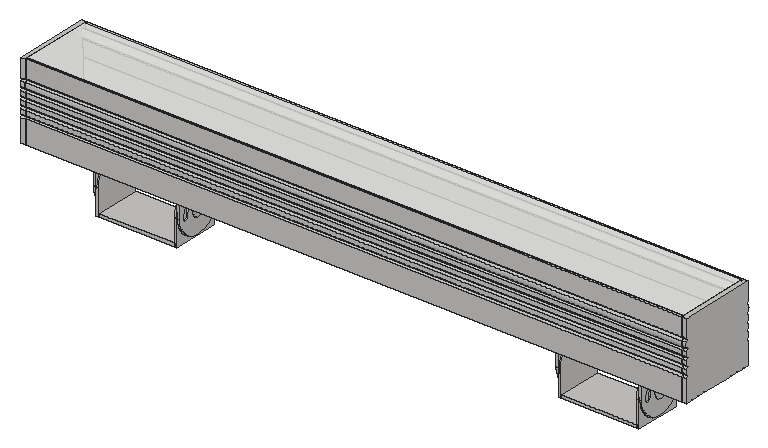
Revit family "Lighting - Luminii - Kilo - Graze Wash - Static White - Array", category Lighting Fixtures, host Face, Revit 2020
Family settings
  Host = Face
  Round Connector Dimension = Use Diameter
  Part Type = Normal
  OmniClass Number = 23.80.70.11.14.21
  OmniClass Title = Spots and Tracklight Specialties
  Cut with Voids When Loaded = No
  Light Source = No
  Shared = Yes
  Room Calculation Point = No
Parameters (values of type "Kilo Graze-Wash - High Color Quality - Tilt Base")
  Width = 1 97/256"  # constant formula
  Wattage Comments = "2.8 W/ft"
  Warranty URL = "https://www.luminii.com/terms-conditions/"
  Voltage Comments = "120VAC - 277VAC"  # constant formula
  Voltage = 120 V
  Version = "2020 - v1.0a"  # constant formula
  URL = "https://www.luminii.com/"
  Support Phone = "224-699-9545"  # constant formula
  Support Email = "mailto:support@bimsmith.com"
  Product Page URL = "https://www.luminii.com/product/kilo-graze-wash-static-white/"
  Product Name = "Kilo Graze-Wash - Static White"  # constant formula
  Product Documentation Link = "https://www.luminii.com/wp-content/uploads/z_special_catalog_products/products/kilo-graze-wash-static-white/specsheets/Kilo-Graze-Wash-Static-White-Spec.pdf"
  Power Source Type = "Driver"  # constant formula
  Power Factor = 1
  Phase = 1
  Output Option [instance] = if(High Color Quality, "72SO | 72HO | 72VHO", "HE48LO | HE48SO | HE48MO | HE48HO | HE64VHO")  # "72SO | 72HO | 72VHO"
  Output [instance] = if(High Color Quality, "High Color Quality", "High Efficacy")  # "High Color Quality"
  Operating Temperature = "Consult Manufacturer Website for more Information"  # constant formula
  Number of Poles = if(and(or(Voltage = 120 V, Voltage = 277 V), Phase = 1), 1, if(and(or(Voltage = 208 V, Voltage = 240 V), Phase = 1), 2, if(and(or(Voltage = 208 V, Voltage = 240 V), Phase = 3), 3, if(and(Voltage > 300 V, Phase = 1), 2, if(and(Voltage > 400 V, Phase = 3), 3, 1)))))  # 1
  Mounting Method = "Surface Mount"  # constant formula
  Model = "KGW"
  Manufacturer Phone Number = "224-333-6033"  # constant formula
  Manufacturer Email = "mailto:info@luminii.com"
  Manufacturer Address = "7777 N Merrimac Ave, Niles, IL 60714"  # constant formula
  Manufacturer = "Luminii"  # constant formula
  Lumen Output = "166 lm/ft"
  Load Classification = Lighting
  Lens Material = Plastic - Luminii - Frosted Lens
  Length Comments [instance] = "Perfomance based on 1\" Photometric Web File, consult Manufacturer for custom sizes"  # constant formula
  Length [instance] = if(Desired Length < 12", 12", if(Desired Length > 116", 116", (round(Desired Length / 1")) * 1"))  # 12"
  Lamp Life = 1
  Lamp = "LED"  # constant formula
  Keynote = "26 50 00"
  Instruction Sheet Link = "https://www.luminii.com/wp-content/uploads/z_special_catalog_products/products/kilo-graze-wash-static-white/install-guides/KILO_GW_instructions.pdf"
  Initial Color Comments = "Perfomance based on 3000K Photometric Web File"  # constant formula
  Housing Protection Rating = "IP20 Dry/IP66 Wet Series"  # constant formula
  High Efficacy = not(High Color Quality)  # no
  High Color Quality = yes
  Has Dimming = 1 = 1  # yes
  Has Battery Backup = 0 = 1  # no
  Frequency Comments = ""  # constant formula
  Frequency = 60 Hz
  Finish = Metal - Luminii - Silver Anodized Aluminum
  Environment = "Indoor"  # constant formula
  Desired Tilt [instance] = 0.00°
  Desired Length [instance] = 12"
  Description = "Linear Valance Illumination System"  # constant formula
  Depth = if(Tilt Base Option, 119/128" + 1 97/256", 1 97/256" + 23/256")  # 2 79/256"
  Default Elevation = 0"  # constant formula
  Current Amps = 50 A
  Copyright = "©2023 Luminii"  # constant formula
  built-in parameter 1114216 [instance] = 0  # (empty or 0)
  built-in parameter 1140040 [instance] = 1 = 1  # 1
  CCT = "3000K"
  Tilt Base Option = yes
  C Tilt Angle Safe [instance] = if(Fixed Clip Option, 0.00°, if(Desired Tilt < -65.00°, 25.00°, if(Desired Tilt > 65.00°, 65.00° + 90.00°, 90.00° + Desired Tilt)))  # 90.00°
  C Sin [instance] = 1 27/32" - 1 27/32" * sin(90.00° + Actual Tilt)  # 0"
  C Tilt Base Offset = 1 1/16"  # constant formula
  Fixed Clip Option = not(Tilt Base Option)  # no
  C LED Number [instance] = Length / 1"  # 12
  C Cos [instance] = 1 27/32" - 1 27/32" * cos(90.00° + Actual Tilt)  # 1 27/32"
  C Base Offset [instance] = if(Tilt Base Option, 2 119/256", 2" + 23/256" - 119/256")  # 2 119/256"
  C Angle [instance] = if(1 = 1, 90.00° + Actual Tilt, 180.00° - Actual Tilt)  # 90.00°
  Assembly Code = "D5020230"
  Apparent Load = 2.7 VA
  Actual Tilt [instance] = if(Fixed Clip Option, 0.00°, if(Desired Tilt < -65.00°, -65.00°, if(Desired Tilt > 65.00°, 65.00°, Desired Tilt)))  # 0.00°
Types (4): name | Wattage Comments | Output Option | Output | Lumen Output | High Efficacy | High Color Quality | Depth | Tilt Base Option | C Tilt Angle Safe | Fixed Clip Option | C Base Offset | Apparent Load
  Kilo Graze-Wash - High Color Quality - Tilt Base | "2.8 W/ft" | "72SO | 72HO | 72VHO" | "High Color Quality" | "166 lm/ft" | no | yes | 2 79/256" | yes | 90.00° | no | 2 119/256" | 2.7 VA
  Kilo Graze-Wash - High Color Quality - Fixed Clip | "2.8 W/ft" | "72SO | 72HO | 72VHO" | "High Color Quality" | "166 lm/ft" | no | yes | 1 15/32" | no | 0.00° | yes | 1 5/8" | 2.7 VA
  Kilo Graze-Wash - High Efficacy - Tilt Base | "1.9 W/ft" | "HE48LO | HE48SO | HE48MO | HE48HO | HE64VHO" | "High Efficacy" | "162 lm/ft" | yes | no | 2 79/256" | yes | 90.00° | no | 2 119/256" | 1.7 VA
  Kilo Graze-Wash - High Efficacy - Fixed Clip | "1.9 W/ft" | "HE48LO | HE48SO | HE48MO | HE48HO | HE64VHO" | "High Efficacy" | "162 lm/ft" | yes | no | 1 15/32" | no | 0.00° | yes | 1 5/8" | 1.7 VA
Reference planes (in)
  plane 1 "Center (Front/Back)": y = 0
  plane 2: z = 0
  plane 3 "Center (Left/Right)": x = 0
  plane 4: x = -6
  plane 5: x = 6
  plane 6: y = 0.36523
  plane 7: y = -0.36523
  plane 8: z = 2.30774
  plane 9: z = 2.30774
  plane 10: z = 0.46484
  plane 11: z = -2
  plane 12: y = 1.8429
  plane 13: y = -1.8429
  plane 14: y = 0.00085
  plane 15: x = -4.74219
  plane 16: x = -6.4
  plane 17: x = 6.4
  plane 18: x = 4.74219
Forms (in)
  Extrusion 1, solid, material "Metal - Luminii - Silver Anodized Aluminum", not visible
    sketch origin (0, 0, 0) x (1, 0, 0) y (0, 1, 0)
      loop
        circle (0, 0) r 0.5
    from 0 to -0.17225
  Sweep 2, solid, material "Metal - Luminii - Silver Anodized Aluminum" <- "Finish", visible <- "Fixed Clip Option"
    path origin (0, 0, 0) x (1, 0, 0) y (0, 1, 0)
      loop
        line (-4.74219, 0) -> (-6.4, 0)
    profile origin (-5.57109, 0, 0) x (0, -1, 0) y (0, 0, 1)
      loop
        line (-0.25, 0) -> (-0.25, 0.09) -> (-0.60413, 0.09) -> (-0.60413, 0) -> (-0.25, 0)
      loop
        line (0.25, 0) -> (0.60413, 0) -> (0.60413, 0.09) -> (0.25, 0.09) -> (0.25, 0)
  Sweep 3, solid, material "Metal - Luminii - Silver Anodized Aluminum" <- "Finish", visible <- "Fixed Clip Option"
    path origin (0, 0, 0) x (-1, 0, 0) y (0, 1, 0)
      loop
        line (-4.74219, 0) -> (-6.4, 0)
    profile origin (5.57109, 0, 0) x (0, 1, 0) y (0, 0, 1)
      loop
        line (0.25, 0) -> (0.60413, 0) -> (0.60413, 0.09) -> (0.25, 0.09) -> (0.25, 0)
      loop
        line (-0.25, 0) -> (-0.25, 0.09) -> (-0.60413, 0.09) -> (-0.60413, 0) -> (-0.25, 0)
Lines and regions (in)
  reference lines
    curve 1: line (-0.37509, -0.2361, 2.37432) -> (-0.37509, 0, 2.37432)
    curve 2: line (-0.37509, 0.71168, 0.09) -> (-0.37509, -0.16225, 0.09)
    curve 3: line (-0.37509, 0.00085, 2.30774) -> (-0.37509, 2.43997, 2.30774)
    curve 4: line (-0.37509, 0.00085, 2.30774) -> (-0.37509, 0.00085, 3.16598)
Dimensions and locks (in)
  equal spacing: plane 4, plane 3 "Center (Left/Right)", plane 5
  equal spacing: plane 6, plane 1 "Center (Front/Back)", plane 7
  plane 6 to plane 7 = 187/256"
  "C Sin": plane 8 to plane 9
  locked: host face to plane 11 at 2
  "C Base Offset": plane 10 to plane 11
  "C Tilt Base Offset": plane 4 to nested 1
  "C Tilt Base Offset": nested 2 to plane 5
  locked: plane 1 "Center (Front/Back)" to plane 12 at 1.8429
  locked: plane 13 to plane 1 "Center (Front/Back)" at 1.8429
  "C Cos": plane 14 to plane 13
  locked: curve 2 to host face at 0.09
  locked: plane 4 to plane 15 at 1.25781
  locked: plane 16 to plane 4 at 0.4
  locked: plane 18 to plane 5 at 1.25781
  locked: plane 5 to plane 17 at 0.4
  locked: plane 8 to plane 10 at 1.8429
  "Length": plane 4 to plane 5
  equal spacing: group 1, group 3, group 4, group 5, group 6, group 7, group 8, group 9, group 10, group 11, group 12, group 2  (x3)
  "C Tilt Angle Safe": angle curve 1 to plane 1 "Center (Front/Back)"
  locked: curve 4 to curve 3 (angle 90.00°)
  "C Angle": angle plane 14 to curve 3
  aligned and locked: plane 2 to host face
  aligned and locked: plane 3 "Center (Left/Right)" to Extrusion 1 sketch curve
  aligned and locked: plane 1 "Center (Front/Back)" to Extrusion 1 sketch curve
  aligned and locked: plane 1 "Center (Front/Back)" to nested 2
  aligned and locked: nested 1 to plane 1 "Center (Front/Back)"
  aligned and locked: plane 5 to nested 3
  aligned and locked: Sweep 2 sketch curve to plane 1 "Center (Front/Back)"
  aligned and locked: plane 16 to Sweep 2 sketch curve
  aligned and locked: plane 15 to Sweep 2 sketch curve
  aligned and locked: host face to Sweep 2 sketch curve
  aligned and locked: plane 1 "Center (Front/Back)" to Sweep 3 sketch curve
  aligned and locked: plane 18 to Sweep 3 sketch curve
  aligned and locked: plane 17 to Sweep 3 sketch curve
  aligned and locked: Sweep 3 sketch curve to plane 2
  aligned and locked: plane 14 to curve 3
  aligned and locked: plane 9 to curve 3
  aligned and locked: plane 4 to nested 4
  aligned and locked: plane 5 to nested 5
  aligned and locked: level to Sweep 2 sketch curve  (x2)
  aligned and locked: Sweep 3 sketch curve to level  (x2)
  aligned and locked: Sweep 2 sketch curve to level
  aligned and locked: level to Sweep 3 sketch curve
Automatic sketch dimensions
  host sketch curve to host sketch curve = 96"  (x2)
  profile plane to Sweep 2 sketch curve = 0.60413"
  level to Sweep 2 sketch curve = 0.09"
  profile plane to Sweep 2 sketch curve = 1/4"
  Sweep 2 sketch curve to profile plane = 1/4"
  Sweep 2 sketch curve to Sweep 2 sketch curve = 0.35413"
  Sweep 2 sketch curve to Sweep 2 sketch curve = 0.09"
  profile plane to Sweep 3 sketch curve = 0.60413"
  level to Sweep 3 sketch curve = 0.09"  (x2)
  profile plane to Sweep 3 sketch curve = 1/4"
  Sweep 3 sketch curve to profile plane = 1/4"
  Sweep 3 sketch curve to Sweep 3 sketch curve = 0.35413"
  curve 1 to plane 1 "Center (Front/Back)" = 0"
  plane 14 to curve 2 = 0.1631"
  plane 6 to curve 2 = 0.34645"
  plane 8 to curve 1 = 0.06658"
  radius of Extrusion 1 sketch curve = 1/2"
Nested families (in)
  nested 1: "Nested - Tilting base" at (-4.1664, 0, 0.46484) x (0, 1, 0) z (0, 0, -1), visible <- "Tilt Base Option", type "Default"
  nested 2: "Nested - Tilting base" at (4.1664, 0, 0.46484) x (0, 1, 0) z (0, 0, -1), visible <- "Tilt Base Option", type "Default"
  nested 3: "Nested - Lamp" at (0, -0.03472, 0.92984) x (0, 1, 0) z (0, 0, 1), type "Default"
    with Length 12"
  nested 4: "Lighting - Luminii - Kilo - Graze Wash - Static White - Nested Light Source" at (-5.5, 0.4555, 2.30774), type "Kilo Graze-Wash - High Color Quality - Tilt Base"
    with Output Option "72SO | 72HO | 72VHO", Output "High Color Quality", Length Comments "Perfomance based on 1\" Photometric Web File", Length 1", Desired Length 1", built-in parameter 1114216 (empty or 0), built-in parameter 1140040 1, C Tilt Angle Safe 90.00°, C Sin 0", C Cos 1 27/32", C Base Offset 2 119/256"
  nested 5: "Lighting - Luminii - Kilo - Graze Wash - Static White - Nested Light Source" at (5.5, 0.4555, 2.30774), type "Kilo Graze-Wash - High Color Quality - Tilt Base"
    with Output Option "72SO | 72HO | 72VHO", Output "High Color Quality", Length Comments "Perfomance based on 1\" Photometric Web File", Length 1", Desired Length 1", built-in parameter 1114216 (empty or 0), built-in parameter 1140040 1, C Tilt Angle Safe 90.00°, C Sin 0", C Cos 1 27/32", C Base Offset 2 119/256"
  nested 6: "Lighting - Luminii - Kilo - Graze Wash - Static White - Nested Light Source" at (-4.5, 0.4555, 2.30774), type "Kilo Graze-Wash - High Color Quality - Tilt Base"
    with Output Option "72SO | 72HO | 72VHO", Output "High Color Quality", Length Comments "Perfomance based on 1\" Photometric Web File", Length 1", Desired Length 1", built-in parameter 1114216 (empty or 0), built-in parameter 1140040 1, C Tilt Angle Safe 90.00°, C Sin 0", C Cos 1 27/32", C Base Offset 2 119/256"
  nested 7: "Lighting - Luminii - Kilo - Graze Wash - Static White - Nested Light Source" at (-3.5, 0.4555, 2.30774), type "Kilo Graze-Wash - High Color Quality - Tilt Base"
    with Output Option "72SO | 72HO | 72VHO", Output "High Color Quality", Length Comments "Perfomance based on 1\" Photometric Web File", Length 1", Desired Length 1", built-in parameter 1114216 (empty or 0), built-in parameter 1140040 1, C Tilt Angle Safe 90.00°, C Sin 0", C Cos 1 27/32", C Base Offset 2 119/256"
  nested 8: "Lighting - Luminii - Kilo - Graze Wash - Static White - Nested Light Source" at (-2.5, 0.4555, 2.30774), type "Kilo Graze-Wash - High Color Quality - Tilt Base"
    with Output Option "72SO | 72HO | 72VHO", Output "High Color Quality", Length Comments "Perfomance based on 1\" Photometric Web File", Length 1", Desired Length 1", built-in parameter 1114216 (empty or 0), built-in parameter 1140040 1, C Tilt Angle Safe 90.00°, C Sin 0", C Cos 1 27/32", C Base Offset 2 119/256"
  nested 9: "Lighting - Luminii - Kilo - Graze Wash - Static White - Nested Light Source" at (-1.5, 0.4555, 2.30774), type "Kilo Graze-Wash - High Color Quality - Tilt Base"
    with Output Option "72SO | 72HO | 72VHO", Output "High Color Quality", Length Comments "Perfomance based on 1\" Photometric Web File", Length 1", Desired Length 1", built-in parameter 1114216 (empty or 0), built-in parameter 1140040 1, C Tilt Angle Safe 90.00°, C Sin 0", C Cos 1 27/32", C Base Offset 2 119/256"
  nested 10: "Lighting - Luminii - Kilo - Graze Wash - Static White - Nested Light Source" at (-0.5, 0.4555, 2.30774), type "Kilo Graze-Wash - High Color Quality - Tilt Base"
    with Output Option "72SO | 72HO | 72VHO", Output "High Color Quality", Length Comments "Perfomance based on 1\" Photometric Web File", Length 1", Desired Length 1", built-in parameter 1114216 (empty or 0), built-in parameter 1140040 1, C Tilt Angle Safe 90.00°, C Sin 0", C Cos 1 27/32", C Base Offset 2 119/256"
  nested 11: "Lighting - Luminii - Kilo - Graze Wash - Static White - Nested Light Source" at (0.5, 0.4555, 2.30774), type "Kilo Graze-Wash - High Color Quality - Tilt Base"
    with Output Option "72SO | 72HO | 72VHO", Output "High Color Quality", Length Comments "Perfomance based on 1\" Photometric Web File", Length 1", Desired Length 1", built-in parameter 1114216 (empty or 0), built-in parameter 1140040 1, C Tilt Angle Safe 90.00°, C Sin 0", C Cos 1 27/32", C Base Offset 2 119/256"
  nested 12: "Lighting - Luminii - Kilo - Graze Wash - Static White - Nested Light Source" at (1.5, 0.4555, 2.30774), type "Kilo Graze-Wash - High Color Quality - Tilt Base"
    with Output Option "72SO | 72HO | 72VHO", Output "High Color Quality", Length Comments "Perfomance based on 1\" Photometric Web File", Length 1", Desired Length 1", built-in parameter 1114216 (empty or 0), built-in parameter 1140040 1, C Tilt Angle Safe 90.00°, C Sin 0", C Cos 1 27/32", C Base Offset 2 119/256"
  nested 13: "Lighting - Luminii - Kilo - Graze Wash - Static White - Nested Light Source" at (2.5, 0.4555, 2.30774), type "Kilo Graze-Wash - High Color Quality - Tilt Base"
    with Output Option "72SO | 72HO | 72VHO", Output "High Color Quality", Length Comments "Perfomance based on 1\" Photometric Web File", Length 1", Desired Length 1", built-in parameter 1114216 (empty or 0), built-in parameter 1140040 1, C Tilt Angle Safe 90.00°, C Sin 0", C Cos 1 27/32", C Base Offset 2 119/256"
  nested 14: "Lighting - Luminii - Kilo - Graze Wash - Static White - Nested Light Source" at (3.5, 0.4555, 2.30774), type "Kilo Graze-Wash - High Color Quality - Tilt Base"
    with Output Option "72SO | 72HO | 72VHO", Output "High Color Quality", Length Comments "Perfomance based on 1\" Photometric Web File", Length 1", Desired Length 1", built-in parameter 1114216 (empty or 0), built-in parameter 1140040 1, C Tilt Angle Safe 90.00°, C Sin 0", C Cos 1 27/32", C Base Offset 2 119/256"
  nested 15: "Lighting - Luminii - Kilo - Graze Wash - Static White - Nested Light Source" at (4.5, 0.4555, 2.30774), type "Kilo Graze-Wash - High Color Quality - Tilt Base"
    with Output Option "72SO | 72HO | 72VHO", Output "High Color Quality", Length Comments "Perfomance based on 1\" Photometric Web File", Length 1", Desired Length 1", built-in parameter 1114216 (empty or 0), built-in parameter 1140040 1, C Tilt Angle Safe 90.00°, C Sin 0", C Cos 1 27/32", C Base Offset 2 119/256"
Connectors (in)
  electrical at (0, 0, 0), driven by "Number of Poles", driven by "Load Classification", driven by "Voltage", driven by "Apparent Load", driven by "Power Factor"
    settings: on Extrusion 1, index 1, voltage 120 V, apparent load 2.7 VA, apparent load phase1 0 VA, apparent load phase2 0 VA, apparent load phase3 0 VA, power factor 1, load classification "Lighting", number of poles 1, system type 30, power factor state 1, is connector primary yes, connector utility no, sub classification motor no, connector description "Power Connection"
Definition of nested family "Nested - Tilting base"
  Parameters (values of type "Default")
    Finish = none
    Desired Angle = 0.00°
    Default Elevation = 48"
    Angle = if(1 = 1, Desired Angle + 90.00°, Desired Angle + 90.00°)  # 90.00°
  Reference planes (in)
    plane 1 "Center (Front/Back)": y = 0
    plane 2: z = 0
    plane 3 "Center (Left/Right)": x = 0
    plane 4: z = 0.465
  Forms (in)
    Extrusion 1, solid
      sketch origin (0, 0, 0) x (1, 0, 0) y (0, 1, 0)
        loop
          line (-48, 48) -> (-48, -48) -> (48, -48) -> (48, 48) -> (-48, 48)
      from 0 to -12
    Extrusion 2, solid, material <- "Finish"
      sketch origin (0, 0, 0) x (1, 0, 0) y (0, 0, 1)
        loop
          arc (-0.41, 0) -> (0, -0.41) -> (0.41, 0) r 0.41
          line (0.41, 0) -> (0.41, 0.465) -> (-0.41, 0.465) -> (-0.41, 0)
      from 0.72842 to 0.68574
    Extrusion 3, solid, material <- "Finish", detail levels medium+fine
      sketch origin (0, -0.72842, 0) x (1, 0, 0) y (0, 0, 1)
        loop
          circle (0, 0) r 0.1238
        loop
          circle (0, -0.27007) r 0.05983
      from 0 to 0.06113
    Extrusion 4, solid, material <- "Finish", detail levels medium+fine
      sketch origin (0, 0.72842, 0) x (1, 0, 0) y (0, 0, -1)
        loop
          circle (0, 0) r 0.1238
        loop
          circle (0, 0.27007) r 0.05983
      from 0 to 0.06113
    Extrusion 5, solid, material <- "Finish"
      sketch origin (0, 0, 0) x (1, 0, 0) y (0, 0, -1)
        loop
          line (-0.41, 0) -> (-0.41, -0.465) -> (0.41, -0.465) -> (0.41, 0)
          arc (0.41, 0) -> (0, 0.41) -> (-0.41, 0) r 0.41
      from 0.72842 to 0.68574
    Extrusion 6, solid, material <- "Finish"
      sketch origin (0, 0, 0.87698) x (1, 0, 0) y (0, 0, 1)
        loop
          line (-0.41, -0.465) -> (0.40999, -0.465) -> (0.40999, -0.41198) -> (-0.41, -0.41198) -> (-0.41, -0.465)
      from -0.68574 to 0.68574
  Lines and regions (in)
    reference lines
      curve 1: line (0, 0, 0) -> (-1.31977, 0, 0)
  Dimensions and locks (in)
    locked: plane 4 to level at 0.465
    "Angle": angle plane 3 "Center (Left/Right)" to curve 1
    aligned and locked: plane 2 to Extrusion 1
    aligned and locked: level to Extrusion 1
    aligned and locked: plane 3 "Center (Left/Right)" to curve 1
    aligned and locked: plane 2 to curve 1
  Automatic sketch dimensions
    Extrusion 1 sketch curve to Extrusion 1 sketch curve = 96"  (x2)
    Extrusion 2 sketch curve to level = 0"
    Extrusion 2 sketch curve to plane 4 = 0"
    Extrusion 2 sketch curve to plane 3 "Center (Left/Right)" = 0"
    Extrusion 2 sketch curve to plane 3 "Center (Left/Right)" = 0.41"
    Extrusion 3 sketch curve to Extrusion 3 sketch curve = 0"
    Extrusion 3 sketch curve to Extrusion 3 sketch curve = 0.27007"
    Extrusion 4 sketch curve to plane 3 "Center (Left/Right)" = 0"  (x2)
    Extrusion 4 sketch curve to level = 0"
    Extrusion 4 sketch curve to level = 0.27007"
    Extrusion 5 sketch curve to level = 0"
    Extrusion 5 sketch curve to plane 4 = 0"
    Extrusion 5 sketch curve to plane 3 "Center (Left/Right)" = 0"
    Extrusion 5 sketch curve to plane 3 "Center (Left/Right)" = 0.41"
    Extrusion 6 sketch curve to plane 4 = 0"
    Extrusion 6 sketch curve to plane 3 "Center (Left/Right)" = 0.41"
    plane 3 "Center (Left/Right)" to Extrusion 6 sketch curve = 0.40999"
    Extrusion 6 sketch curve to plane 4 = 0.05302"
    radius of Extrusion 3 sketch curve to Extrusion 2 = 0.2862"
    radius of Extrusion 3 sketch curve = 0.05983"
    radius of Extrusion 4 sketch curve = 0.1238"
    radius of Extrusion 4 sketch curve = 0.05983"
  Nested families (in)
    nested 1: "Nested - base" at (0, 0, 0) x (-1, 0, 0) z (0, 0, 1), type "Nested - base"
  Definition of nested family "Nested - base"
    Parameters (values of type "Nested - base")
      Length = 11 223/256"
      Finish = none
      Default Elevation = 48"
    Reference planes (in)
      plane 1 "Center (Front/Back)": y = 0
      plane 2: z = 0
      plane 3 "Center (Left/Right)": x = 0
    Forms (in)
      Extrusion 1, solid
        sketch origin (0, 0, 0) x (1, 0, 0) y (0, 1, 0)
          loop
            line (-48, 48) -> (-48, -48) -> (48, -48) -> (48, 48) -> (-48, 48)
        from 0 to -12
      Extrusion 2, solid, material <- "Finish", detail levels coarse
        sketch origin (0, 0, 0) x (1, 0, 0) y (0, 0, 1)
          loop
            line (-0.41, 0) -> (-0.41, -0.465) -> (0.41, -0.465) -> (0.41, 0)
            arc (0.41, 0) -> (0, 0.41) -> (-0.41, 0) r 0.41
        from 0.72842 to 0.7711
      Extrusion 3, solid, material <- "Finish", detail levels coarse
        sketch origin (0, 0, 0) x (1, 0, 0) y (0, 0, -1)
          loop
            arc (-0.41, 0) -> (0, -0.41) -> (0.41, 0) r 0.41
            line (0.41, 0) -> (0.41, 0.465) -> (-0.41, 0.465) -> (-0.41, 0)
        from 0.72842 to 0.7711
      Extrusion 4, solid, material <- "Finish"
        sketch origin (0, 0, 0) x (1, 0, 0) y (0, 0, 1)
          loop
            line (-0.41, -0.465) -> (0.40999, -0.465) -> (0.40999, -0.41198) -> (-0.41, -0.41198) -> (-0.41, -0.465)
        from -0.72842 to 0.72842
      Extrusion 5, solid, material <- "Finish", detail levels medium+fine
        sketch origin (0, 0, 0) x (1, 0, 0) y (0, 0, 1)
          loop
            circle (0, 0) r 0.1238
          loop
            arc (-0.208, 0.03055) -> (-0.26143, 0.09041) -> (-0.32694, 0.0441) r 0.06024
            arc (-0.32694, 0.0441) -> (0, -0.3299) -> (0.32694, 0.0441) r 0.3299
            arc (0.32694, 0.0441) -> (0.26143, 0.09041) -> (0.208, 0.03055) r 0.06024
            arc (0.208, 0.03055) -> (0, -0.21023) -> (-0.208, 0.03055) r 0.21023
          loop
            line (-0.41, 0) -> (-0.41, -0.465) -> (0.41, -0.465) -> (0.41, 0)
            arc (0.41, 0) -> (0, 0.41) -> (-0.41, 0) r 0.41
        from 0.72842 to 0.7711
      Extrusion 6, solid, material <- "Finish", detail levels medium+fine
        sketch origin (0, 0, 0) x (1, 0, 0) y (0, 0, -1)
          loop
            circle (0, 0) r 0.1238
          loop
            arc (-0.208, -0.03055) -> (0, 0.21023) -> (0.208, -0.03055) r 0.21023
            arc (0.208, -0.03055) -> (0.26143, -0.09041) -> (0.32694, -0.0441) r 0.06024
            arc (0.32694, -0.0441) -> (0, 0.3299) -> (-0.32694, -0.0441) r 0.3299
            arc (-0.32694, -0.0441) -> (-0.26143, -0.09041) -> (-0.208, -0.03055) r 0.06024
          loop
            arc (-0.41, 0) -> (0, -0.41) -> (0.41, 0) r 0.41
            line (0.41, 0) -> (0.41, 0.465) -> (-0.41, 0.465) -> (-0.41, 0)
        from 0.72842 to 0.7711
    Dimensions and locks (in)
      aligned and locked: plane 2 to Extrusion 1
      aligned and locked: level to Extrusion 1
Definition of nested family "Nested - Lamp"
  Parameters (values of type "Family1")
    Lens = none
    Length = 36"
    Finish = none
    Default Elevation = 48"
  Reference planes (in)
    plane 1 "Center (Front/Back)": y = 0
    plane 2: z = 0
    plane 3 "Center (Left/Right)": x = 0
    plane 4: y = 18
    plane 5: y = 17.92
    plane 6: y = -18
    plane 7: y = -17.92
  Forms (in)
    Extrusion 1, solid
      sketch origin (0, 0, 0) x (1, 0, 0) y (0, 1, 0)
        loop
          line (-48, 48) -> (-48, -48) -> (48, -48) -> (48, 48) -> (-48, 48)
      from 0 to -12
    Extrusion 2, solid, material <- "Finish", detail levels medium+fine
      sketch origin (0, 0, 0) x (1, 0, 0) y (0, 0, 1)
        loop
          line (-0.6885, 1.3779) -> (-0.6885, 1.05425) -> (-0.6575, 1.02325) -> (-0.6885, 0.99225)
          arc (-0.6885, 0.99225) -> (-0.70236, 0.944) -> (-0.6885, 0.89575) r 0.09095
          line (-0.6885, 0.89575) -> (-0.6575, 0.86475) -> (-0.6885, 0.83375) -> (-0.6885, 0.75375) -> (-0.6575, 0.72275) -> (-0.6885, 0.69175) -> (-0.6885, 0.61175) -> (-0.6575, 0.58075) -> (-0.6885, 0.54975) -> (-0.6885, 0.46975) -> (-0.6575, 0.43875) -> (-0.6885, 0.40775) -> (-0.6885, 0) -> (-0.616, 0) -> (-0.582, 0.034) -> (-0.548, 0) -> (-0.4755, 0) -> (-0.4415, 0.034) -> (-0.4075, 0) -> (-0.335, 0) -> (-0.301, 0.034) -> (-0.267, 0) -> (0, 0) -> (0.267, 0) -> (0.301, 0.034) -> (0.335, 0) -> (0.4075, 0) -> (0.4415, 0.034) -> (0.4755, 0) -> (0.548, 0) -> (0.582, 0.034) -> (0.616, 0) -> (0.6885, 0) -> (0.6885, 0.40775) -> (0.6575, 0.43875) -> (0.6885, 0.46975) -> (0.6885, 0.54975) -> (0.6575, 0.58075) -> (0.6885, 0.61175) -> (0.6885, 0.69175) -> (0.6575, 0.72275) -> (0.6885, 0.75375) -> (0.6885, 0.83375) -> (0.6575, 0.86475) -> (0.6885, 0.89575)
          arc (0.6885, 0.89575) -> (0.70236, 0.944) -> (0.6885, 0.99225) r 0.09095
          line (0.6885, 0.99225) -> (0.6575, 1.02325) -> (0.6885, 1.05425) -> (0.6885, 1.3779) -> (-0.6885, 1.3779)
        loop
          line (-0.6102, 0.116) -> (-0.131, 0.116) -> (-0.07231, 0.048) -> (0.07231, 0.048) -> (0.131, 0.116) -> (0.6102, 0.116) -> (0.6102, 0.85105) -> (0.58133, 1.15206) -> (0.58133, 1.33146) -> (-0.58133, 1.33146) -> (-0.58133, 1.15206) -> (-0.6102, 0.85005) -> (-0.6102, 0.116)
      from -17.92 to 17.92
    Extrusion 3, solid, material <- "Finish", detail levels medium+fine
      sketch origin (0, 48, 0) x (1, 0, 0) y (0, 0, -1)
        loop
          line (-0.6885, -1.3779) -> (0.6885, -1.3779) -> (0.6885, -1.05425) -> (0.6575, -1.02325) -> (0.6885, -0.99225)
          arc (0.6885, -0.99225) -> (0.70236, -0.944) -> (0.6885, -0.89575) r 0.09095
          line (0.6885, -0.89575) -> (0.6575, -0.86475) -> (0.6885, -0.83375) -> (0.6885, -0.75375) -> (0.6575, -0.72275) -> (0.6885, -0.69175) -> (0.6885, -0.61175) -> (0.6575, -0.58075) -> (0.6885, -0.54975) -> (0.6885, -0.46975) -> (0.6575, -0.43875) -> (0.6885, -0.40775) -> (0.6885, 0) -> (0.616, 0) -> (0.582, -0.034) -> (0.548, 0) -> (0.4755, 0) -> (0.4415, -0.034) -> (0.4075, 0) -> (0.335, 0) -> (0.301, -0.034) -> (0.267, 0) -> (0, 0) -> (-0.267, 0) -> (-0.301, -0.034) -> (-0.335, 0) -> (-0.4075, 0) -> (-0.4415, -0.034) -> (-0.4755, 0) -> (-0.548, 0) -> (-0.582, -0.034) -> (-0.616, 0) -> (-0.6885, 0) -> (-0.6885, -0.40775) -> (-0.6575, -0.43875) -> (-0.6885, -0.46975) -> (-0.6885, -0.54975) -> (-0.6575, -0.58075) -> (-0.6885, -0.61175) -> (-0.6885, -0.69175) -> (-0.6575, -0.72275) -> (-0.6885, -0.75375) -> (-0.6885, -0.83375) -> (-0.6575, -0.86475) -> (-0.6885, -0.89575)
          arc (-0.6885, -0.89575) -> (-0.70236, -0.944) -> (-0.6885, -0.99225) r 0.09095
          line (-0.6885, -0.99225) -> (-0.6575, -1.02325) -> (-0.6885, -1.05425) -> (-0.6885, -1.3779)
      from -30.08 to -30
    Extrusion 4, solid, material <- "Finish", detail levels medium+fine
      sketch origin (0, -48, 0) x (1, 0, 0) y (0, 0, 1)
        loop
          line (-0.6885, 1.3779) -> (-0.6885, 1.05425) -> (-0.6575, 1.02325) -> (-0.6885, 0.99225)
          arc (-0.6885, 0.99225) -> (-0.70236, 0.944) -> (-0.6885, 0.89575) r 0.09095
          line (-0.6885, 0.89575) -> (-0.6575, 0.86475) -> (-0.6885, 0.83375) -> (-0.6885, 0.75375) -> (-0.6575, 0.72275) -> (-0.6885, 0.69175) -> (-0.6885, 0.61175) -> (-0.6575, 0.58075) -> (-0.6885, 0.54975) -> (-0.6885, 0.46975) -> (-0.6575, 0.43875) -> (-0.6885, 0.40775) -> (-0.6885, 0) -> (-0.616, 0) -> (-0.582, 0.034) -> (-0.548, 0) -> (-0.4755, 0) -> (-0.4415, 0.034) -> (-0.4075, 0) -> (-0.335, 0) -> (-0.301, 0.034) -> (-0.267, 0) -> (0, 0) -> (0.267, 0) -> (0.301, 0.034) -> (0.335, 0) -> (0.4075, 0) -> (0.4415, 0.034) -> (0.4755, 0) -> (0.548, 0) -> (0.582, 0.034) -> (0.616, 0) -> (0.6885, 0) -> (0.6885, 0.40775) -> (0.6575, 0.43875) -> (0.6885, 0.46975) -> (0.6885, 0.54975) -> (0.6575, 0.58075) -> (0.6885, 0.61175) -> (0.6885, 0.69175) -> (0.6575, 0.72275) -> (0.6885, 0.75375) -> (0.6885, 0.83375) -> (0.6575, 0.86475) -> (0.6885, 0.89575)
          arc (0.6885, 0.89575) -> (0.70236, 0.944) -> (0.6885, 0.99225) r 0.09095
          line (0.6885, 0.99225) -> (0.6575, 1.02325) -> (0.6885, 1.05425) -> (0.6885, 1.3779) -> (-0.6885, 1.3779)
      from -30.08 to -30
    Extrusion 5, void
      sketch origin (0, 0, 0) x (1, 0, 0) y (0, 0, 1)
        loop
          line (-0.66157, 1.3779) -> (-0.64649, 1.28291)
          arc (-0.64649, 1.28291) -> (-0.65301, 1.19801) -> (-0.58133, 1.15206) r 0.08299
          line (-0.58133, 1.15206) -> (-0.58133, 1.33146) -> (0.58133, 1.33146) -> (0.58133, 1.15206)
          arc (0.58133, 1.15206) -> (0.65301, 1.19801) -> (0.64649, 1.28291) r 0.08299
          line (0.64649, 1.28291) -> (0.66157, 1.3779) -> (-0.66157, 1.3779)
      from -17.92 to 17.92
    Extrusion 6, solid, material <- "Lens"
      sketch origin (0, 0, 0) x (1, 0, 0) y (0, 0, 1)
        loop
          line (-0.58133, 1.33146) -> (0.58133, 1.33146) -> (0.58133, 1.16723)
          arc (0.58133, 1.16723) -> (0.64871, 1.20447) -> (0.64114, 1.28109) r 0.07001
          line (0.64114, 1.28109) -> (0.65643, 1.3774) -> (-0.65643, 1.3774) -> (-0.64114, 1.28109)
          arc (-0.64114, 1.28109) -> (-0.64871, 1.20447) -> (-0.58133, 1.16723) r 0.07001
          line (-0.58133, 1.16723) -> (-0.58133, 1.33146)
      from -17.92 to 17.92
    Extrusion 7, solid, material <- "Finish", detail levels coarse
      sketch origin (0, 0, 0) x (1, 0, 0) y (0, 0, 1)
        loop
          line (-0.6885, 1.3779) -> (-0.6885, 0) -> (0, 0) -> (0.61142, 0) -> (0.6885, 0) -> (0.6885, 1.3779) -> (-0.6885, 1.3779)
        loop
          line (-0.6102, 0.116) -> (0.6102, 0.116) -> (0.6102, 0.85105) -> (0.58133, 1.15206) -> (0.58133, 1.33146) -> (-0.58133, 1.33146) -> (-0.58133, 1.15206) -> (-0.6102, 0.85005) -> (-0.6102, 0.116)
      from -17.92 to 17.92
    Extrusion 8, solid, material <- "Finish", detail levels coarse
      sketch origin (0, 48, 0) x (1, 0, 0) y (0, 0, -1)
        loop
          line (-0.6885, -1.3779) -> (0.6885, -1.3779) -> (0.6885, 0) -> (0.58837, 0) -> (0, 0) -> (-0.58854, 0) -> (-0.6885, 0) -> (-0.6885, -1.3779)
      from -30.08 to -30
    Extrusion 9, solid, material <- "Finish", detail levels coarse
      sketch origin (0, -48, 0) x (1, 0, 0) y (0, 0, 1)
        loop
          line (-0.6885, 1.3779) -> (-0.6885, 0) -> (0.6885, 0) -> (0.6885, 1.3779) -> (-0.6885, 1.3779)
      from -30.08 to -30
  Cuts and joins
    Extrusion 5 cuts Extrusion 2
    Extrusion 5 cuts Extrusion 7
  Dimensions and locks (in)
    level to Extrusion 3 = 1.3779"
    locked: plane 7 to plane 6 at 0.08
    locked: plane 5 to plane 4 at 0.08
    equal spacing: plane 6, plane 1 "Center (Front/Back)", plane 4
    "Length": plane 4 to plane 6
    aligned and locked: plane 2 to Extrusion 1
    aligned and locked: level to Extrusion 1
    aligned and locked: Extrusion 3 to plane 4
    aligned and locked: plane 7 to Extrusion 4
    aligned and locked: Extrusion 4 to plane 6
    aligned and locked: Extrusion 5 to plane 5
    aligned and locked: Extrusion 5 to plane 7
    aligned and locked: Extrusion 6 to plane 7
    aligned and locked: Extrusion 6 to plane 5
    aligned and locked: Extrusion 2 to plane 5
    aligned and locked: Extrusion 2 to plane 7
    aligned and locked: plane 5 to Extrusion 3
    aligned and locked: plane 7 to Extrusion 9
    aligned and locked: Extrusion 9 to plane 6
    aligned and locked: Extrusion 7 to plane 7
    aligned and locked: Extrusion 7 to plane 5
    aligned and locked: Extrusion 8 to plane 4
    aligned and locked: plane 5 to Extrusion 8
  Automatic sketch dimensions
    Extrusion 1 sketch curve to Extrusion 1 sketch curve = 96"  (x2)
    Extrusion 2 sketch curve to level = 0"  (x7)
    Extrusion 2 sketch curve to plane 3 "Center (Left/Right)" = 0"
    Extrusion 2 sketch curve to plane 3 "Center (Left/Right)" = 0.07231"
    Extrusion 2 sketch curve to Extrusion 2 sketch curve = 0.05869"  (x2)
    Extrusion 2 sketch curve to Extrusion 2 sketch curve = 0.136"  (x2)
    level to Extrusion 2 sketch curve = 0.034"  (x6)
    Extrusion 2 sketch curve to Extrusion 2 sketch curve = 0.034"  (x6)
    Extrusion 2 sketch curve to Extrusion 2 sketch curve = 0.0725"  (x5)
    Extrusion 2 sketch curve to plane 3 "Center (Left/Right)" = 0.58133"
    Extrusion 2 sketch curve to Extrusion 2 sketch curve = 0.0282"
    Extrusion 2 sketch curve to Extrusion 2 sketch curve = 0.00121"  (x2)
    Extrusion 2 sketch curve to Extrusion 2 sketch curve = 0.0473"  (x6)
    Extrusion 2 sketch curve to Extrusion 2 sketch curve = 0.04609"  (x2)
    Extrusion 2 sketch curve to Extrusion 2 sketch curve = 0"  (x2)
    Extrusion 2 sketch curve to Extrusion 2 sketch curve = 0.031"  (x23)
    plane 3 "Center (Left/Right)" to Extrusion 2 sketch curve = 0.07231"
    plane 3 "Center (Left/Right)" to Extrusion 2 sketch curve = 0.58133"
    Extrusion 2 sketch curve to Extrusion 2 sketch curve = 0.02887"
    level to Extrusion 2 sketch curve = 0.048"
    Extrusion 2 sketch curve to Extrusion 2 sketch curve = 0.068"  (x2)
    Extrusion 2 sketch curve to Extrusion 2 sketch curve = 0.29175"  (x2)
    Extrusion 2 sketch curve to Extrusion 2 sketch curve = 0.08"  (x6)
    Extrusion 2 sketch curve to Extrusion 2 sketch curve = 0.0163"
    Extrusion 2 sketch curve to Extrusion 2 sketch curve = 0.0173"
    Extrusion 2 sketch curve to Extrusion 2 sketch curve = 0.04825"  (x2)
    Extrusion 2 sketch curve to Extrusion 2 sketch curve = 0.09781"  (x2)
    Extrusion 2 sketch curve to Extrusion 2 sketch curve = 0.1794"
    Extrusion 2 sketch curve to Extrusion 2 sketch curve = 0.04644"
    Extrusion 3 sketch curve to level = 0"  (x7)
    Extrusion 3 sketch curve to plane 3 "Center (Left/Right)" = 0"
    Extrusion 3 sketch curve to Extrusion 3 sketch curve = 0.267"
    level to Extrusion 3 sketch curve = 0.034"  (x6)
    Extrusion 3 sketch curve to Extrusion 3 sketch curve = 0.034"  (x6)
    Extrusion 3 sketch curve to Extrusion 3 sketch curve = 0.0725"  (x5)
    Extrusion 3 sketch curve to plane 3 "Center (Left/Right)" = 0.61141"
    Extrusion 3 sketch curve to Extrusion 3 sketch curve = 0.0755"  (x2)
    Extrusion 3 sketch curve to Extrusion 3 sketch curve = 0"  (x4)
    Extrusion 3 sketch curve to Extrusion 3 sketch curve = 0.04609"  (x4)
    Extrusion 3 sketch curve to Extrusion 3 sketch curve = 0.031"  (x23)
    plane 3 "Center (Left/Right)" to Extrusion 3 sketch curve = 0.267"
    plane 3 "Center (Left/Right)" to Extrusion 3 sketch curve = 0.61141"
    Extrusion 3 sketch curve to Extrusion 3 sketch curve = 0.37375"  (x2)
    Extrusion 3 sketch curve to Extrusion 3 sketch curve = 0.08"  (x6)
    Extrusion 3 sketch curve to Extrusion 3 sketch curve = 0.04825"  (x2)
    Extrusion 3 sketch curve to Extrusion 3 sketch curve = 0.32365"
    Extrusion 4 sketch curve to level = 0"  (x7)
    Extrusion 4 sketch curve to plane 3 "Center (Left/Right)" = 0"
    Extrusion 4 sketch curve to Extrusion 4 sketch curve = 0.267"
    level to Extrusion 4 sketch curve = 0.034"  (x6)
    Extrusion 4 sketch curve to Extrusion 4 sketch curve = 0.034"  (x6)
    Extrusion 4 sketch curve to Extrusion 4 sketch curve = 0.0725"  (x5)
    Extrusion 4 sketch curve to plane 3 "Center (Left/Right)" = 0.61141"
    Extrusion 4 sketch curve to Extrusion 4 sketch curve = 0.0755"  (x2)
    Extrusion 4 sketch curve to Extrusion 4 sketch curve = 0"  (x4)
    Extrusion 4 sketch curve to Extrusion 4 sketch curve = 0.04609"  (x4)
    Extrusion 4 sketch curve to Extrusion 4 sketch curve = 0.031"  (x23)
    plane 3 "Center (Left/Right)" to Extrusion 4 sketch curve = 0.267"
    plane 3 "Center (Left/Right)" to Extrusion 4 sketch curve = 0.61141"
    Extrusion 4 sketch curve to Extrusion 4 sketch curve = 0.37375"  (x2)
    Extrusion 4 sketch curve to Extrusion 4 sketch curve = 0.08"  (x6)
    Extrusion 4 sketch curve to Extrusion 4 sketch curve = 0.04825"  (x2)
    Extrusion 4 sketch curve to Extrusion 4 sketch curve = 0.32365"
    Extrusion 5 sketch curve to plane 3 "Center (Left/Right)" = 0.66157"
    Extrusion 5 sketch curve to Extrusion 5 sketch curve = 0.01508"
    Extrusion 5 sketch curve to Extrusion 5 sketch curve = 0.06517"  (x2)
    Extrusion 5 sketch curve to Extrusion 5 sketch curve = 0.06778"
    plane 3 "Center (Left/Right)" to Extrusion 5 sketch curve = 0.57872"
    Extrusion 5 sketch curve to Extrusion 5 sketch curve = 0.00261"
    Extrusion 5 sketch curve to Extrusion 5 sketch curve = 0.08024"
    level to Extrusion 5 sketch curve = 1.15206"  (x2)
    Extrusion 5 sketch curve to Extrusion 5 sketch curve = 0.08295"  (x2)
    Extrusion 5 sketch curve to Extrusion 5 sketch curve = 0.04855"
    Extrusion 5 sketch curve to Extrusion 5 sketch curve = 0.04644"
    Extrusion 6 sketch curve to plane 3 "Center (Left/Right)" = 0.65643"
    Extrusion 6 sketch curve to Extrusion 6 sketch curve = 0.01529"
    Extrusion 6 sketch curve to Extrusion 6 sketch curve = 0.05441"  (x2)
    Extrusion 6 sketch curve to Extrusion 6 sketch curve = 0.00541"  (x2)
    plane 3 "Center (Left/Right)" to Extrusion 6 sketch curve = 0.58133"
    Extrusion 6 sketch curve to Extrusion 6 sketch curve = 0.0751"
    level to Extrusion 6 sketch curve = 1.16723"
    Extrusion 6 sketch curve to Extrusion 6 sketch curve = 0"
    Extrusion 6 sketch curve to Extrusion 6 sketch curve = 0.0698"  (x2)
    Extrusion 6 sketch curve to Extrusion 6 sketch curve = 0.05037"
    Extrusion 6 sketch curve to Extrusion 6 sketch curve = 0.04594"
    Extrusion 8 sketch curve to plane 3 "Center (Left/Right)" = 0"
    Extrusion 8 sketch curve to Extrusion 8 sketch curve = 0.58854"
    plane 3 "Center (Left/Right)" to Extrusion 8 sketch curve = 0.58837"
    Extrusion 9 sketch curve to level = 0"
    Extrusion 9 sketch curve to plane 3 "Center (Left/Right)" = 0.6885"
    Extrusion 9 sketch curve to Extrusion 9 sketch curve = 1.377"
    Extrusion 9 sketch curve to Extrusion 9 sketch curve = 1.3779"
    Extrusion 7 sketch curve to level = 0"
    Extrusion 7 sketch curve to plane 3 "Center (Left/Right)" = 0"
    Extrusion 7 sketch curve to plane 3 "Center (Left/Right)" = 0.58133"
    Extrusion 7 sketch curve to Extrusion 7 sketch curve = 0.02887"  (x2)
    Extrusion 7 sketch curve to Extrusion 7 sketch curve = 0.0783"
    plane 3 "Center (Left/Right)" to Extrusion 7 sketch curve = 0.58133"
    Extrusion 7 sketch curve to Extrusion 7 sketch curve = 0.00122"
    Extrusion 7 sketch curve to Extrusion 7 sketch curve = 0.07708"
    level to Extrusion 7 sketch curve = 0.116"
    Extrusion 7 sketch curve to Extrusion 7 sketch curve = 0.73405"
    Extrusion 7 sketch curve to Extrusion 7 sketch curve = 0.73505"
    Extrusion 7 sketch curve to Extrusion 7 sketch curve = 0.30201"
    Extrusion 7 sketch curve to Extrusion 7 sketch curve = 0.30101"
    Extrusion 7 sketch curve to Extrusion 7 sketch curve = 0.1794"
    Extrusion 7 sketch curve to Extrusion 7 sketch curve = 0.04644"
    Extrusion 8 sketch curve to Extrusion 8 sketch curve = 1.3779"
    Extrusion 8 sketch curve to level = 0"
    Extrusion 8 sketch curve to Extrusion 8 sketch curve = 0.10013"
    Extrusion 8 sketch curve to Extrusion 8 sketch curve = 0.09996"
Definition of nested family "Lighting - Luminii - Kilo - Graze Wash - Static White - Nested Light Source"
  Parameters (values of type "Kilo Graze-Wash - High Color Quality - Tilt Base")
    Width = 1 97/256"  # constant formula
    Wattage Comments = "2.8 W/ft"
    Wattage = 2.7 W
    Warranty URL = "https://www.luminii.com/terms-conditions/"
    built-in parameter 1150110 = 1 (stored number, unit not read)
    Voltage Comments = "120VAC - 277VAC"  # constant formula
    Voltage = 120 V
    Version = "2020 - v1.0a"  # constant formula
    URL = "https://www.luminii.com/"
    built-in parameter 1114217 = 1 (stored number, unit not read)
    Tilt Angle = -90.00° - C Tilt Angle Formula  # -90.00°
    built-in parameter 1150109 = 1 (stored number, unit not read)
    built-in parameter 1150134 = (empty or 0)
    built-in parameter 1150113 = 1 (stored number, unit not read)
    Support Phone = "224-699-9545"  # constant formula
    Support Email = "mailto:support@bimsmith.com"
    Product Page URL = "https://www.luminii.com/product/kilo-graze-wash-static-white/"
    Product Name = "Kilo Graze-Wash - Static White"  # constant formula
    Product Documentation Link = "https://www.luminii.com/wp-content/uploads/z_special_catalog_products/products/kilo-graze-wash-static-white/specsheets/Kilo-Graze-Wash-Static-White-Spec.pdf"
    Power Source Type = "Driver"  # constant formula
    Power Factor = 1
    Photometric Web File = "KILO GW - GRAZE - LL72-VHO-30K_IES.IES"
    Phase = 1
    Output Option [instance] = if(High Color Quality, "72SO | 72HO | 72VHO", "HE48LO | HE48SO | HE48MO | HE48HO | HE64VHO")  # "72SO | 72HO | 72VHO"
    Output [instance] = if(High Color Quality, "High Color Quality", "High Efficacy")  # "High Color Quality"
    Operating Temperature = "Consult Manufacturer Website for more Information"  # constant formula
    Number of Poles = if(and(or(Voltage = 120 V, Voltage = 277 V), Phase = 1), 1, if(and(or(Voltage = 208 V, Voltage = 240 V), Phase = 1), 2, if(and(or(Voltage = 208 V, Voltage = 240 V), Phase = 3), 3, if(and(Voltage > 300 V, Phase = 1), 2, if(and(Voltage > 400 V, Phase = 3), 3, 1)))))  # 1
    Mounting Method = "Surface Mount"  # constant formula
    Model = "KGW"
    Manufacturer Phone Number = "224-333-6033"  # constant formula
    Manufacturer Email = "mailto:info@luminii.com"
    Manufacturer Address = "7777 N Merrimac Ave, Niles, IL 60714"  # constant formula
    Manufacturer = "Luminii"  # constant formula
    built-in parameter 1150105 = 159.3 (stored number, unit not read)
    Lumens = 159.3 lm
    built-in parameter 1150115 = 1 (stored number, unit not read)
    Lumen Output = "166 lm/ft"
    Load Classification = none
    built-in parameter 1150137 = (empty or 0)
    built-in parameter 1150139 = (empty or 0)
    Lens Material = none
    Length Comments [instance] = "Perfomance based on 1\" Photometric Web File"  # constant formula
    Length [instance] = 1"  # constant formula
    built-in parameter 1150112 = 1 (stored number, unit not read)
    built-in parameter 1150114 = 1 (stored number, unit not read)
    Lamp Life = 1
    Lamp = "LED"  # constant formula
    Keynote = "26 50 00"
    Instruction Sheet Link = "https://www.luminii.com/wp-content/uploads/z_special_catalog_products/products/kilo-graze-wash-static-white/install-guides/KILO_GW_instructions.pdf"
    built-in parameter 1150132 = (empty or 0)
    built-in parameter 1150102 = (empty or 0)
    built-in parameter 1150107 = 3000 (stored number, unit not read)
    Initial Color Comments = "Perfomance based on 3000K Photometric Web File"  # constant formula
    built-in parameter 1150138 = (empty or 0)
    built-in parameter 1150106 = 1.593 (stored number, unit not read)
    Housing Protection Rating = "IP20 Dry/IP66 Wet Series"  # constant formula
    High Efficacy = not(High Color Quality)  # no
    High Color Quality = yes
    Has Dimming = 1 = 1  # yes
    Has Battery Backup = 0 = 1  # no
    Frequency Comments = ""  # constant formula
    Frequency = 60 Hz
    Finish = none
    Environment = "Indoor"  # constant formula
    Emit from Rectangle Width = Width  # 1 97/256"
    Emit from Rectangle Length = 1"
    Emit Shape Visible in Rendering = yes
    built-in parameter 1150104 = 5.4813 (stored number, unit not read)
    Dimming Lamp Color Temperature Shift = (empty or 0)
    Desired Tilt = 0.00°
    Desired Length [instance] = 1"
    Description = "Linear Valance Illumination System"  # constant formula
    Depth = if(Tilt Base Option, 119/128" + 1 97/256", 1 97/256" + 23/256")  # 2 79/256"
    Default Elevation = 0"  # constant formula
    Current Amps = 50 A
    Copyright = "©2023 Luminii"  # constant formula
    Color Filter = 16777215
    built-in parameter 1114216 [instance] = 0  # (empty or 0)
    built-in parameter 1140040 [instance] = 1 = 1  # 1
    CCT = "3000K"
    Tilt Base Option = yes
    C Tilt Angle Safe [instance] = if(Fixed Clip Option, 0.00°, if(Desired Tilt < -65.00°, 25.00°, if(Desired Tilt > 65.00°, 65.00° + 90.00°, 90.00° + Desired Tilt)))  # 90.00°
    C Tilt Angle Formula = if(Fixed Clip Option, 0.00°, if(Desired Tilt < -65.00°, -65.00°, if(Desired Tilt > 65.00°, 65.00°, Desired Tilt)))  # 0.00°
    C Sin [instance] = 1 27/32" - 1 27/32" * sin(90.00° + C Tilt Angle Formula)  # 0"
    C Tilt Base Offset = 1 1/16"  # constant formula
    Fixed Clip Option = not(Tilt Base Option)  # no
    C Cos [instance] = 1 27/32" - 1 27/32" * cos(90.00° + C Tilt Angle Formula)  # 1 27/32"
    C Base Offset [instance] = if(Tilt Base Option, 2 119/256", 2" + 23/256" - 119/256")  # 2 119/256"
    built-in parameter 1114218 = 1 (stored number, unit not read)
    built-in parameter 1150133 = 10 (stored number, unit not read)
    Assembly Code = "D5020230"
    Apparent Load = Wattage / Power Factor  # 2.7 VA
  Types (4): name | Wattage Comments | Wattage | Output Option | Output | built-in parameter 1150105 | Lumens | Lumen Output | built-in parameter 1150106 | High Efficacy | High Color Quality | Emit from Rectangle Length | built-in parameter 1150104 | Desired Length | Depth | Tilt Base Option | C Tilt Angle Safe | Fixed Clip Option | C Base Offset | Apparent Load
    Kilo Graze-Wash - High Color Quality - Tilt Base | "2.8 W/ft" | 2.7 W | "72SO | 72HO | 72VHO" | "High Color Quality" | 159.3 (stored number, unit not read) | 159.3 lm | "166 lm/ft" | 1.593 (stored number, unit not read) | no | yes | 1" | 5.4813 (stored number, unit not read) | 1" | 2 79/256" | yes | 90.00° | no | 2 119/256" | 2.7 VA
    Kilo Graze-Wash - High Color Quality - Fixed Clip | "2.8 W/ft" | 2.7 W | "72SO | 72HO | 72VHO" | "High Color Quality" | 159.3 (stored number, unit not read) | 159.3 lm | "166 lm/ft" | 1.593 (stored number, unit not read) | no | yes | 12" | 5.4813 (stored number, unit not read) | 12" | 1 15/32" | no | 0.00° | yes | 1 5/8" | 2.7 VA
    Kilo Graze-Wash - High Efficacy - Tilt Base | "1.9 W/ft" | 1.7 W | "HE48LO | HE48SO | HE48MO | HE48HO | HE64VHO" | "High Efficacy" | 144.5 (stored number, unit not read) | 144.5 lm | "162 lm/ft" | 1.445 (stored number, unit not read) | yes | no | 12" | 7.8968 (stored number, unit not read) | 12" | 2 79/256" | yes | 90.00° | no | 2 119/256" | 1.7 VA
    Kilo Graze-Wash - High Efficacy - Fixed Clip | "1.9 W/ft" | 1.7 W | "HE48LO | HE48SO | HE48MO | HE48HO | HE64VHO" | "High Efficacy" | 144.5 (stored number, unit not read) | 144.5 lm | "162 lm/ft" | 1.445 (stored number, unit not read) | yes | no | 12" | 7.8968 (stored number, unit not read) | 12" | 1 15/32" | no | 0.00° | yes | 1 5/8" | 1.7 VA
  Reference planes (in)
    plane 1 "Center (Front/Back)": y = 0
    plane 2 "Floor": z = 0
    plane 3 "Center (Left/Right)": x = 0
    plane 4: x = -0.5
    plane 5: x = 0.5
    plane 6: y = 0.36523
    plane 7: y = -0.36523
    plane 8: y = 0.00085
  Forms (in)
    Extrusion 1, solid
      sketch origin (0, 0, 0) x (1, 0, 0) y (0, 1, 0)
        loop
          line (-48, 48) -> (-48, -48) -> (48, -48) -> (48, 48) -> (-48, 48)
      from 0 to -12
    Extrusion 2, solid, not visible
      sketch origin (0, 0, 0) x (1, 0, 0) y (0, 1, 0)
        loop
          circle (0, 0) r 0.5
      from 0 to -0.17225
  Dimensions and locks (in)
    equal spacing: plane 4, plane 3 "Center (Left/Right)", plane 5
    equal spacing: plane 6, plane 1 "Center (Front/Back)", plane 7
    plane 6 to plane 7 = 187/256"
    "Length": plane 4 to plane 5
    aligned and locked: plane 2 "Floor" to Extrusion 1
    aligned and locked: plane 3 "Center (Left/Right)" to Extrusion 2 sketch curve
    aligned and locked: plane 1 "Center (Front/Back)" to Extrusion 2 sketch curve
    aligned and locked: plane 2 "Floor" to Extrusion 2  (x2)
    aligned and locked: imposter light to plane 3 "Center (Left/Right)"
    aligned and locked: imposter light to plane 8
    aligned and locked: Extrusion 1 to imposter light
  Automatic sketch dimensions
    Extrusion 1 sketch curve to Extrusion 1 sketch curve = 96"  (x2)
    radius of Extrusion 2 sketch curve = 1/2"
  Connectors (in)
    electrical at (0, 0, 0), driven by "Number of Poles", driven by "Load Classification", driven by "Voltage", driven by "Apparent Load", driven by "Power Factor"
      settings: on Extrusion 2, index 1, voltage 120 V, apparent load 2.7 VA, apparent load phase1 0 VA, apparent load phase2 0 VA, apparent load phase3 0 VA, power factor 1, load classification none, number of poles 1, system type 30, power factor state 1, is connector primary yes, connector utility no, sub classification motor no, connector description "Power Connection"
